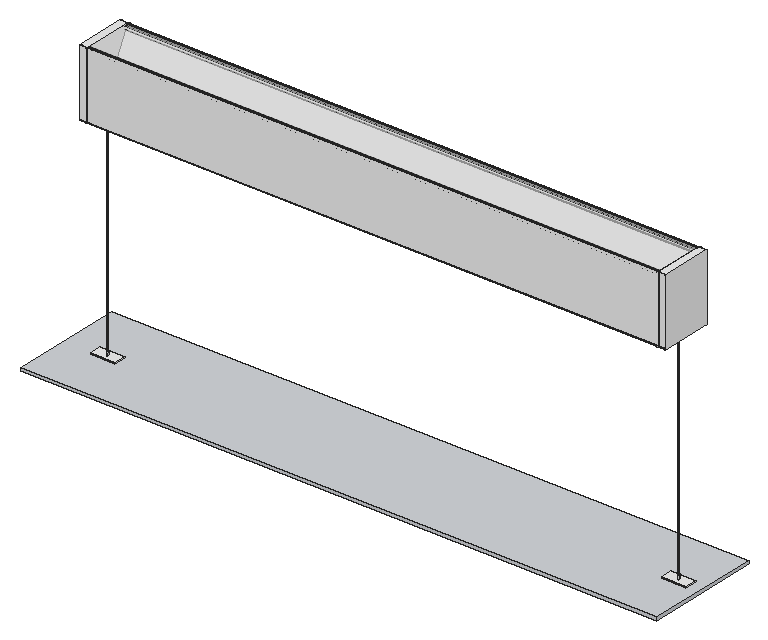
Revit family
Parameters (values of type "BBDILED-640-400-80-40-SO-4")
  With Multiple Lamps = Fixture Length > 108"  # no
  With Additional Lamp = and(Fixture Length < 120", Fixture Length > 48")  # no
  Wattage = 40 W
  built-in parameter 1150110 = 1 (stored number, unit not read)
  Voltage = 120 V
  URL = "http://www.axislighting.com/CMS/itemsDetail_beam4LED.php?205"
  built-in parameter 1114217 = 1 (stored number, unit not read)
  Total Lamp Wattage = Lamp Wattage * Number of Lamps  # 35.48 VA
  Tilt Angle = 90.00°
  built-in parameter 1150109 = 1 (stored number, unit not read)
  built-in parameter 1150134 = (empty or 0)
  Suspension Length [instance] = 18"
  Suspension Finish = Steel - Axis - White
  built-in parameter 1150113 = 1 (stored number, unit not read)
  Reflector Finish = Steel - Axis - White Powder Coated
  Product Order Length = 48"
  Product ID = "BBDILED"
  Photometric Web File = "BBDILED-B3-MF-640-400-80-35-SO.ies"
  Other = ""
  Optics Length = Fixture Length - 1 1/4"  # 46 3/4"
  Number of Lamps = Product Order Length / 12"  # 4
  Mounting Configuration = if(Product Order Length < 156", 2, if(Product Order Length < 300", 3, if(Product Order Length < 444", 4, if(Product Order Length < 564", 5, if(Product Order Length < 708", 6, if(Product Order Length < 852", 7, if(Product Order Length < 972", 8, if(Product Order Length = 1296", 11, if(Product Order Length = 1680", 13, if(Product Order Length = 1776", 14, if(Product Order Length = 1848", 15, if(Product Order Length = 1872", 15, if(Product Order Length = 1896", 15, 2)))))))))))))  # 2
  Model = "BEAM4 LED Pendant Mount - Direct/Indirect"
  Manufacturer = "Axis Lighting"
  built-in parameter 1150105 = 331.04 (stored number, unit not read)
  Lumens = 4160 lm
  built-in parameter 1150115 = 1 (stored number, unit not read)
  built-in parameter 1150137 = (empty or 0)
  built-in parameter 1150139 = (empty or 0)
  Lens Length = if(Fixture Length > 108", (Fixture Length - (2 * End Cap Length)) / Lamp Configuration, Fixture Length - (2 * End Cap Length))  # 46 3/4"
  Lens Finish = Acrylic - Axis - Frosted
  Lamp Wattage = 8.87 VA
  built-in parameter 1150112 = 1 (stored number, unit not read)
  Lamp Multiplier = if(Fixture Length > 108", (Fixture Length / 48") - 1, 2)  # 2
  built-in parameter 1150114 = 1 (stored number, unit not read)
  Lamp Distance = Lens Length  # 46 3/4"
  Lamp Configuration = if(Product Order Length > 96", Product Order Length / 48", 2)  # 2
  Lamp = "LED"
  Keynote = "16510"
  built-in parameter 1150132 = 2
  built-in parameter 1150102 = (empty or 0)
  built-in parameter 1150107 = 3500 (stored number, unit not read)
  built-in parameter 1150138 = (empty or 0)
  built-in parameter 1150106 = 3.3104 (stored number, unit not read)
  IC Controls = ""
  Housing Finish = Aluminum - Axis - White
  Fixture Width = 4 5/32"  # constant formula
  Fixture Length = Product Order Length  # 48"
  Fixture Depth = 5 1/2"  # constant formula
  End Cap Length = 5/8"  # constant formula
  Emit from Line Length = Lamp Distance  # 46 3/4"
  built-in parameter 1150104 = 9.6619 (stored number, unit not read)
  Dimming Lamp Color Temperature Shift = (empty or 0)
  Description = "LED Pendant Mount Direct/Indirect Lighting Fixture with Spotless Lens"
  Default Elevation = 48"
  Custom = ""
  Color Filter = 16777215
  Circuit = 1
  built-in parameter 1114218 = 1 (stored number, unit not read)
  built-in parameter 1150133 = 10 (stored number, unit not read)
  Assembly Code = "D5020200"
  Apparent Load = Total Lamp Wattage  # 35.48 VA
Types (5): name | With Additional Lamp | Wattage | Total Lamp Wattage | Product Order Length | Optics Length | Number of Lamps | built-in parameter 1150105 | Lumens | Lens Length | Lamp Distance | built-in parameter 1150106 | Fixture Length | Emit from Line Length | Apparent Load
  (no name) | no | 40 W | 35.48 VA | 48" | 46 3/4" | 4 | 331.04 (stored number, unit not read) | 4160 lm | 46 3/4" | 46 3/4" | 3.3104 (stored number, unit not read) | 48" | 46 3/4" | 35.48 VA
  BBDILED-640-400-80-40-SO-4 | no | 40 W | 35.48 VA | 48" | 46 3/4" | 4 | 331.04 (stored number, unit not read) | 4160 lm | 46 3/4" | 46 3/4" | 3.3104 (stored number, unit not read) | 48" | 46 3/4" | 35.48 VA
  BBDILED-640-400-80-40-SO-2 | no | 20 W | 17.74 VA | 24" | 22 3/4" | 2 | 165.52 (stored number, unit not read) | 2080 lm | 22 3/4" | 22 3/4" | 1.6552 (stored number, unit not read) | 24" | 22 3/4" | 17.74 VA
  BBDILED-640-400-80-40-SO-3 | no | 30 W | 26.61 VA | 36" | 34 3/4" | 3 | 248.28 (stored number, unit not read) | 3120 lm | 34 3/4" | 34 3/4" | 2.4828 (stored number, unit not read) | 36" | 34 3/4" | 26.61 VA
  BBDILED-640-400-80-40-SO-5 | yes | 50 W | 44.35 VA | 60" | 58 3/4" | 5 | 413.8 (stored number, unit not read) | 5200 lm | 58 3/4" | 58 3/4" | 4.138 (stored number, unit not read) | 60" | 58 3/4" | 44.35 VA
Reference planes (in)
  plane 1 "Center (Front/Back)": y = 0
  plane 2: z = 0
  plane 3 "Center (Left/Right)": x = 0
  plane 4: x = -24
  plane 5: x = 24
  plane 6: x = -23.375
  plane 7: x = 23.375
  plane 8: z = 18
  plane 9: y = -2.07813
  plane 10: y = 2.07812
  plane 11: z = 23.5
  plane 12: z = 20.84375
  plane 13: z = 19.85
  plane 14: x = -23.375
  plane 15: x = 23.375
  plane 16: x = 0
  plane 17: x = 70.125
  plane 18: x = 46.75
  plane 19: x = -23.375
  plane 20: x = 23.375
  plane 21: x = 0
Forms (in)
  Extrusion 1, solid
    sketch origin (0, 0, 0) x (1, 0, 0) y (0, 1, 0)
      loop
        line (-26.75, 4.70508) -> (-26.75, -4.70508) -> (25.31417, -4.70508) -> (25.31417, 4.70508) -> (-26.75, 4.70508)
    from 0 to -0.25
  Extrusion 2, solid, material "Aluminum - Axis - White" <- "Housing Finish"
    sketch origin (0, 0, 0) x (0, 1, 0) y (0, 0, 1)
      loop
        line (2.04687, 23.5) -> (-2.04688, 23.5)
        arc (-2.04688, 23.5) -> (-2.06897, 23.49085) -> (-2.07813, 23.46875) r 0.03125
        line (-2.07813, 23.46875) -> (-2.07813, 18.03125)
        arc (-2.07813, 18.03125) -> (-2.06897, 18.00915) -> (-2.04688, 18) r 0.03125
        line (-2.04688, 18) -> (2.04687, 18)
        arc (2.04687, 18) -> (2.06897, 18.00915) -> (2.07812, 18.03125) r 0.03125
        line (2.07812, 18.03125) -> (2.07812, 23.46875)
        arc (2.07812, 23.46875) -> (2.06897, 23.49085) -> (2.04687, 23.5) r 0.03125
    from -24 to -23.375
  Extrusion 3, solid, material "Aluminum - Axis - White" <- "Housing Finish"
    sketch origin (0, 0, 0) x (0, 1, 0) y (0, 0, 1)
      loop
        line (2.04687, 23.5) -> (-2.04688, 23.5)
        arc (-2.04688, 23.5) -> (-2.06897, 23.49085) -> (-2.07813, 23.46875) r 0.03125
        line (-2.07813, 23.46875) -> (-2.07813, 18.03125)
        arc (-2.07813, 18.03125) -> (-2.06897, 18.00915) -> (-2.04688, 18) r 0.03125
        line (-2.04688, 18) -> (2.04687, 18)
        arc (2.04687, 18) -> (2.06897, 18.00915) -> (2.07812, 18.03125) r 0.03125
        line (2.07812, 18.03125) -> (2.07812, 23.46875)
        arc (2.07812, 23.46875) -> (2.06897, 23.49085) -> (2.04687, 23.5) r 0.03125
    from 23.375 to 24
  Extrusion 4, solid, material "Acrylic - Axis - Frosted" <- "Lens Finish"
    sketch origin (0, 0, 0) x (0, 1, 0) y (0, 0, 1)
      loop
        line (1.96562, 18.05) -> (-1.96563, 18.05) -> (-1.96563, 18) -> (1.96562, 18) -> (1.96562, 18.05)
    from -23.375 to 23.375
  Sweep 5, solid, material "Steel - Axis - White Powder Coated" <- "Reflector Finish"
    path origin (0, 0, 0) x (1, 0, 0) y (0, 1, 0)
      loop
        line (23.375, 0) -> (-23.375, 0)
    profile "BBDILED-Profile-Reflector : BBDILED-Profile-Reflector" origin (0, 0, 0) x (0, -1, 0) y (0, 0, 1)
      loop
        line (-0.97354, 18.84649) -> (-1.78831, 18.34943) -> (-1.77203, 18.32275) -> (-0.96476, 18.81524) -> (-0.5, 18.81524) -> (-0.5, 18.84649) -> (-0.97354, 18.84649)
      loop
        line (0.96476, 18.81524) -> (1.77203, 18.32275) -> (1.78831, 18.34943) -> (0.97354, 18.84649) -> (0.5, 18.84649) -> (0.5, 18.81524) -> (0.96476, 18.81524)
      loop
        line (0.68192, 20.89158) -> (1.79986, 23.08004) -> (1.77203, 23.09426) -> (0.66279, 20.92283) -> (0.5, 20.92283) -> (0.5, 20.89158) -> (0.68192, 20.89158)
      loop
        line (-0.66279, 20.92283) -> (-1.77203, 23.09426) -> (-1.79986, 23.08004) -> (-0.68192, 20.89158) -> (-0.5, 20.89158) -> (-0.5, 20.92283) -> (-0.66279, 20.92283)
  Sweep 6, solid, material "Acrylic - Axis - Frosted" <- "Lens Finish"
    path origin (0, 0, 0) x (1, 0, 0) y (0, 1, 0)
      loop
        line (23.375, 0) -> (-23.375, 0)
    profile "BBDILED-Profile-Lens : BBDILED-Profile-Lens" origin (0, 0, 0) x (0, -1, 0) y (0, 0, 1)
      loop
        line (-1.79405, 23.43) -> (1.79405, 23.43)
        arc (1.79405, 23.43) -> (1.81337, 23.41518) -> (1.80405, 23.39268) r 0.02
        line (1.80405, 23.39268) -> (1.74405, 23.35804)
        arc (1.74405, 23.35804) -> (1.73673, 23.33072) -> (1.76405, 23.3234) r 0.02
        line (1.76405, 23.3234) -> (1.83782, 23.36599) -> (1.86011, 23.30536)
        arc (1.86011, 23.30536) -> (1.85982, 23.21545) -> (1.80089, 23.14755) r 0.12908
        arc (1.80089, 23.14755) -> (1.79294, 23.1204) -> (1.82008, 23.11245) r 0.02
        arc (1.82008, 23.11245) -> (1.89727, 23.2014) -> (1.89766, 23.31916) r 0.16908
        line (1.89766, 23.31916) -> (1.86558, 23.40637)
        arc (1.86558, 23.40637) -> (1.86854, 23.42931) -> (1.88905, 23.44) r 0.025
        line (1.88905, 23.44) -> (1.93835, 23.44) -> (1.96019, 23.5) -> (-1.96019, 23.5) -> (-1.93835, 23.44) -> (-1.88905, 23.44)
        arc (-1.88905, 23.44) -> (-1.86854, 23.42931) -> (-1.86558, 23.40637) r 0.025
        line (-1.86558, 23.40637) -> (-1.89766, 23.31916)
        arc (-1.89766, 23.31916) -> (-1.89727, 23.2014) -> (-1.82008, 23.11245) r 0.16908
        arc (-1.82008, 23.11245) -> (-1.79294, 23.1204) -> (-1.80089, 23.14755) r 0.02
        arc (-1.80089, 23.14755) -> (-1.85982, 23.21545) -> (-1.86011, 23.30536) r 0.12908
        line (-1.86011, 23.30536) -> (-1.83782, 23.36599) -> (-1.76405, 23.3234)
        arc (-1.76405, 23.3234) -> (-1.73673, 23.33072) -> (-1.74405, 23.35804) r 0.02
        line (-1.74405, 23.35804) -> (-1.80405, 23.39268)
        arc (-1.80405, 23.39268) -> (-1.81337, 23.41518) -> (-1.79405, 23.43) r 0.02
  Sweep 7, solid, material "Aluminum - Axis - White" <- "Housing Finish"
    path origin (0, 0, 0) x (1, 0, 0) y (0, 1, 0)
      loop
        line (23.375, 0) -> (-23.375, 0)
    profile "BBDILED-Profile-Housing : BBDILED-Profile-Housing" origin (0, 0, 0) x (0, -1, 0) y (0, 0, 1)
      loop
        line (-2.07812, 23.46875) -> (-2.07812, 18.03125)
        arc (-2.07812, 18.03125) -> (-2.06897, 18.00915) -> (-2.04687, 18) r 0.03125
        line (-2.04687, 18) -> (-1.98812, 18) -> (-1.98812, 18.0857) -> (-1.94473, 18.0857) -> (-1.92694, 18.04378) -> (-1.89012, 18.0594) -> (-1.92781, 18.1482) -> (-2.00312, 18.1482) -> (-2.00312, 23.365)
        arc (-2.00312, 23.365) -> (-1.99727, 23.37914) -> (-1.98312, 23.385) r 0.02
        line (-1.98312, 23.385) -> (-1.88312, 23.385)
        arc (-1.88312, 23.385) -> (-1.87013, 23.3925) -> (-1.87013, 23.4075) r 0.015
        line (-1.87013, 23.4075) -> (-1.89179, 23.445) -> (-1.98812, 23.445) -> (-1.98812, 23.48)
        arc (-1.98812, 23.48) -> (-1.99398, 23.49414) -> (-2.00812, 23.5) r 0.02
        line (-2.00812, 23.5) -> (-2.04687, 23.5)
        arc (-2.04687, 23.5) -> (-2.06897, 23.49085) -> (-2.07812, 23.46875) r 0.03125
      loop
        arc (2.07813, 23.46875) -> (2.06897, 23.49085) -> (2.04688, 23.5) r 0.03125
        line (2.04688, 23.5) -> (2.00813, 23.5)
        arc (2.00813, 23.5) -> (1.99398, 23.49414) -> (1.98813, 23.48) r 0.02
        line (1.98813, 23.48) -> (1.98813, 23.445) -> (1.89179, 23.445) -> (1.87013, 23.4075)
        arc (1.87013, 23.4075) -> (1.87013, 23.3925) -> (1.88313, 23.385) r 0.015
        line (1.88313, 23.385) -> (1.98313, 23.385)
        arc (1.98313, 23.385) -> (1.99727, 23.37914) -> (2.00313, 23.365) r 0.02
        line (2.00313, 23.365) -> (2.00313, 18.1482) -> (1.92781, 18.1482) -> (1.89012, 18.0594) -> (1.92694, 18.04378) -> (1.94473, 18.0857) -> (1.98813, 18.0857) -> (1.98813, 18) -> (2.04688, 18)
        arc (2.04688, 18) -> (2.06897, 18.00915) -> (2.07813, 18.03125) r 0.03125
        line (2.07813, 18.03125) -> (2.07813, 23.46875)
Dimensions and locks (in)
  "Fixture Length": plane 4 to plane 5
  equal spacing: plane 4, plane 3 "Center (Left/Right)", plane 5
  locked: plane 4 to plane 6 at 0.625
  locked: plane 7 to plane 5 at 0.625
  "Suspension Length": plane 8 to plane 2
  "Fixture Width": plane 9 to plane 10
  equal spacing: plane 9, plane 1 "Center (Front/Back)", plane 10
  "Fixture Depth": plane 11 to plane 8
  locked: Extrusion 4 sketch curve to plane 9 at 0.1125
  locked: plane 10 to Extrusion 4 sketch curve at 0.1125
  locked: Extrusion 4 sketch curve to plane 8 at 0.05
  locked: plane 12 to plane 8 at 2.84375
  group 1 to group 2 = 46 3/4"
  group 1 to group 2 = 0"  (x2)
  "Lamp Distance": plane 14 to plane 15
  equal spacing: plane 14, plane 16, plane 15
  "Lamp Distance": plane 15 to plane 17
  equal spacing: plane 15, plane 18, plane 17
  "Lamp Distance": plane 19 to plane 20
  equal spacing: plane 19, plane 21, plane 20
  group 3 to group 4 = 46 3/4"
  group 3 to group 4 = 0"  (x2)
  locked: plane 13 to plane 8 at 1.85
  aligned and locked: plane 2 to Extrusion 1
  aligned and locked: level to Extrusion 1
  aligned and locked: plane 1 "Center (Front/Back)" to nested 1
  aligned and locked: plane 3 "Center (Left/Right)" to nested 1
  aligned and locked: plane 11 to Extrusion 2 sketch curve
  aligned and locked: plane 9 to Extrusion 2 sketch curve
  aligned and locked: plane 8 to Extrusion 2 sketch curve
  aligned and locked: plane 10 to Extrusion 2 sketch curve
  aligned and locked: Extrusion 2 to plane 4
  aligned and locked: plane 6 to Extrusion 2
  aligned and locked: plane 11 to Extrusion 3 sketch curve
  aligned and locked: plane 9 to Extrusion 3 sketch curve
  aligned and locked: plane 8 to Extrusion 3 sketch curve
  aligned and locked: plane 10 to Extrusion 3 sketch curve
  aligned and locked: plane 5 to Extrusion 3
  aligned and locked: Extrusion 3 to plane 7
  aligned and locked: plane 8 to Extrusion 4 sketch curve
  aligned and locked: Extrusion 4 to plane 6
  aligned and locked: plane 7 to Extrusion 4
  aligned and locked: plane 1 "Center (Front/Back)" to imposter light
  aligned and locked: imposter light to plane 13
  aligned and locked: Sweep 5 sketch curve to plane 1 "Center (Front/Back)"
  aligned and locked: plane 6 to Sweep 5 sketch curve
  aligned and locked: plane 7 to Sweep 5 sketch curve
  aligned and locked: Sweep 6 sketch curve to plane 1 "Center (Front/Back)"
  aligned and locked: plane 6 to Sweep 6 sketch curve
  aligned and locked: plane 7 to Sweep 6 sketch curve
  aligned and locked: Sweep 7 sketch curve to plane 1 "Center (Front/Back)"
  aligned and locked: plane 7 to Sweep 7 sketch curve
  aligned and locked: plane 6 to Sweep 7 sketch curve
  aligned and locked: nested 2 to plane 2
  aligned and locked: plane 1 "Center (Front/Back)" to nested 2
  aligned and locked: plane 6 to nested 2
  aligned and locked: plane 7 to nested 3
  aligned and locked: plane 1 "Center (Front/Back)" to nested 3
  aligned and locked: nested 3 to plane 2
  aligned and locked: plane 14 to plane 6
  aligned and locked: imposter light to plane 16
  aligned and locked: plane 20 to plane 7
  aligned and locked: plane 21 to nested 4
  aligned and locked: plane 1 "Center (Front/Back)" to nested 4
  aligned and locked: plane 18 to nested 5
  aligned and locked: plane 1 "Center (Front/Back)" to nested 5
  aligned and locked: plane 21 to nested 6
  aligned and locked: plane 1 "Center (Front/Back)" to nested 6
Automatic sketch dimensions
  Extrusion 1 sketch curve to Extrusion 1 sketch curve = 52.06417"
  Extrusion 1 sketch curve to Extrusion 1 sketch curve = 9 105/256"
  Extrusion 2 sketch curve to plane 9 = 1/32"  (x2)
  Extrusion 2 sketch curve to Extrusion 2 sketch curve = 1/32"  (x2)
  Extrusion 3 sketch curve to plane 9 = 1/32"
  Extrusion 3 sketch curve to Extrusion 3 sketch curve = 1/32"  (x2)
  plane 10 to Extrusion 3 sketch curve = 1/32"
Nested families (in)
  nested 1: "Lighting-Pendant-Axis-Symbol" at (0, 0, 0), type "Lighting-Pendant-Axis-Symbol"
  nested 2: "BBDILED-Component-Suspension" at (-23.375, 0, 0), type "Cable"
  nested 3: "BBDILED-Component-Suspension" at (23.375, 0, 0), type "Cable"
  nested 4: "BBDILED-Light" at (0, 0, 0), visible <- "With Multiple Lamps", type "Multiple"
  nested 5: "BBDILED-Light" at (46.75, 0, 0), visible <- "With Multiple Lamps", type "Multiple"
  nested 6: "BBDILED-Light" at (0, 0, 0), visible <- "With Additional Lamp", type "Additional"
Connectors (in)
  electrical at (-23.375, 0, 0), driven by "Voltage", driven by "Apparent Load"
    settings: on nested 2, index 1, voltage 120 V, apparent load 0 VA, apparent load phase1 35.48 VA, apparent load phase2 0 VA, apparent load phase3 0 VA, power factor 1, load classification "Lighting", number of poles 1, system type 31, power factor state 1, is connector primary yes, connector utility no, sub classification motor no, connector description "Lighting Fixture Power"
Definition of nested family "BBDILED-Component-Suspension"
  Parameters (values of type "Cable")
    Suspension Length = 18"
    Finish = Steel - Axis - White
    Assembly Code = ""
  Reference planes (in)
    plane 1 "Center (Front/Back)": y = 0
    plane 2: z = 0
    plane 3 "Center (Left/Right)": x = 0
    plane 4: z = 18
    plane 5: y = 0.5
    plane 6: y = -0.5
    plane 7: x = -1
    plane 8: x = 1
    plane 9: z = 0.0625
    plane 10: z = 0.375
    plane 11: z = 17.875
    plane 12: z = 17.6875
  Forms (in)
    Extrusion 1, solid, material "Steel - Axis - White" <- "Finish"
      sketch origin (0, 0, 0) x (1, 0, 0) y (0, 1, 0)
        loop
          circle (0, 0) r 0.25
      from 17.875 to 18
    Extrusion 2, solid, material "Steel - Axis - White" <- "Finish"
      sketch origin (0, 0, 0) x (1, 0, 0) y (0, 1, 0)
        loop
          circle (0, 0) r 0.0625
      from 17.6875 to 17.875
    Extrusion 3, solid, material "Steel - Axis - White" <- "Finish"
      sketch origin (0, 0, 0) x (1, 0, 0) y (0, 1, 0)
        loop
          circle (0, 0) r 0.03125
      from 17.6875 to 0.375
    Extrusion 4, solid, material "Steel - Axis - White" <- "Finish"
      sketch origin (0, 0, 0) x (1, 0, 0) y (0, 1, 0)
        loop
          circle (0, 0) r 0.0625
      from 0.0625 to 0.375
    Extrusion 5, solid, material "Steel - Axis - White" <- "Finish"
      sketch origin (0, 0, 0) x (1, 0, 0) y (0, 1, 0)
        loop
          line (-1, -0.5) -> (1, -0.5) -> (1, 0.5) -> (-1, 0.5) -> (-1, -0.5)
      from 0 to 0.0625
  Dimensions and locks (in)
    equal spacing: plane 7, plane 3 "Center (Left/Right)", plane 8
    plane 7 to plane 8 = 2"
    equal spacing: plane 6, plane 1 "Center (Front/Back)", plane 5
    plane 6 to plane 5 = 1"
    Extrusion 4 to Extrusion 5 to Extrusion 5 = 0", 1/16"
    Extrusion 1 to Extrusion 2 to level = 1/8", 17 7/8"
    "Suspension Length": plane 4 to level
    plane 10 to plane 9 to plane 2 = 5/16" locked, 1/16" locked
    plane 4 to plane 11 to plane 12 = 1/8" locked, 3/16" locked
    radius of Extrusion 4 sketch curve = 1/16"
    radius of Extrusion 3 sketch curve = 1/32"
    radius of Extrusion 2 sketch curve = 1/16"
    radius of Extrusion 1 sketch curve = 1/4"
    aligned and locked: plane 2 to level
    aligned and locked: plane 6 to Extrusion 5 sketch curve
    aligned and locked: Extrusion 5 sketch curve to plane 7
    aligned and locked: Extrusion 5 sketch curve to plane 5
    aligned and locked: plane 8 to Extrusion 5 sketch curve
    aligned: plane 4 to Extrusion 5
    aligned: Extrusion 1 to level
    aligned: Extrusion 3 to Extrusion 4
    aligned: Extrusion 3 to Extrusion 2
    aligned: Extrusion 4 to Extrusion 5
    aligned and locked: Extrusion 5 to plane 2
    aligned and locked: plane 9 to Extrusion 5
    aligned and locked: Extrusion 4 to plane 9
    aligned and locked: plane 10 to Extrusion 4
    aligned and locked: plane 4 to Extrusion 1
    aligned and locked: Extrusion 1 to plane 11
    aligned and locked: plane 11 to Extrusion 2
    aligned and locked: Extrusion 2 to plane 12
    aligned and locked: plane 12 to Extrusion 3
    aligned and locked: Extrusion 3 to plane 10
  Automatic sketch dimensions
    plane 1 "Center (Front/Back)" to Extrusion 1 sketch curve = 0"
    Extrusion 1 sketch curve to plane 3 "Center (Left/Right)" = 0"
    plane 1 "Center (Front/Back)" to Extrusion 2 sketch curve = 0"
    Extrusion 2 sketch curve to plane 3 "Center (Left/Right)" = 0"
    plane 1 "Center (Front/Back)" to Extrusion 3 sketch curve = 0"
    Extrusion 3 sketch curve to plane 3 "Center (Left/Right)" = 0"
    plane 1 "Center (Front/Back)" to Extrusion 4 sketch curve = 0"
    Extrusion 4 sketch curve to plane 3 "Center (Left/Right)" = 0"
Definition of nested family "Lighting-Pendant-Axis-Symbol"
  Parameters (values of type "Lighting-Pendant-Axis-Symbol")
    Width = 4 3/16"
    Length = 47 9/16"
    Assembly Code = ""
  Reference planes (in)
    plane 1 "Center (Front/Back)": y = 0
    plane 2: z = 0
    plane 3 "Center (Left/Right)": x = 0
  Lines and regions (in)
    Masking region 1, in view "Ref. Level"
      outline origin (0, 0, 0) x (1, 0, 0) y (0, 1, 0)
        loop
          line (-23.78125, -2.09375) -> (23.78125, -2.09375) -> (23.78125, 2.09375) -> (-23.78125, 2.09375) -> (-23.78125, -2.09375)
    detail lines, style "Pendant Lights", in view "Ref. Level", detail levels coarse+medium
      curve 1: line (-23.78125, 2.09375, 0) -> (23.78125, 2.09375, 0)
      curve 2: line (-23.78125, -2.09375, 0) -> (-23.78125, 2.09375, 0)
      curve 3: line (23.78125, -2.09375, 0) -> (-23.78125, -2.09375, 0)
      curve 4: line (23.78125, 2.09375, 0) -> (23.78125, -2.09375, 0)
    detail lines, style "Pendant Lights", in view "Ref. Level"
      curve 5: circle (-23.15625, 0, 0) r 0.25 normal (0, 0, 1)
      curve 6: circle (23.15625, 0, 0) r 0.25 normal (0, 0, 1)
  Dimensions and locks (in)
    "Length": curve 2 to curve 4
    "Width": curve 1 to curve 3
    equal spacing: curve 2, plane 3 "Center (Left/Right)", curve 4
    equal spacing: curve 1, plane 1 "Center (Front/Back)", curve 3
    locked: curve 2 to curve 5 at 0.625
    locked: curve 6 to curve 4 at 0.625
    equal spacing: curve 1, curve 5, curve 3
    equal spacing: curve 1, curve 6, curve 3
    aligned and locked: Masking region 1 sketch curve to curve 3
    aligned and locked: Masking region 1 sketch curve to curve 2
    aligned and locked: Masking region 1 sketch curve to curve 1
    aligned and locked: Masking region 1 sketch curve to curve 4
  Automatic sketch dimensions
    radius of curve 5 = 1/4"
    radius of curve 6 = 1/4"
Definition of nested family "BBDILED-Light"
  Parameters (values of type "Additional")
    Wattage = 40 W
    built-in parameter 1150110 = 1 (stored number, unit not read)
    built-in parameter 1114217 = 1 (stored number, unit not read)
    Tilt Angle = 90.00°
    built-in parameter 1150109 = 1 (stored number, unit not read)
    built-in parameter 1150134 = (empty or 0)
    Suspension Length = 18"
    built-in parameter 1150113 = 1 (stored number, unit not read)
    Photometric Web File = "BBDILED-B3-MF-640-400-80-35-SO.ies"
    built-in parameter 1150105 = 331.04 (stored number, unit not read)
    Lumens = 4160 lm
    built-in parameter 1150115 = 1 (stored number, unit not read)
    built-in parameter 1150137 = (empty or 0)
    built-in parameter 1150139 = (empty or 0)
    built-in parameter 1150112 = 1 (stored number, unit not read)
    built-in parameter 1150114 = 1 (stored number, unit not read)
    built-in parameter 1150132 = 2
    built-in parameter 1150102 = (empty or 0)
    built-in parameter 1150107 = 3500 (stored number, unit not read)
    built-in parameter 1150138 = (empty or 0)
    built-in parameter 1150106 = 3.3104 (stored number, unit not read)
    Emit from Line Length = 46 3/4"
    built-in parameter 1150104 = 9.6619 (stored number, unit not read)
    Dimming Lamp Color Temperature Shift = (empty or 0)
    Default Elevation = 48"
    Color Filter = 16777215
    built-in parameter 1114218 = 1 (stored number, unit not read)
    built-in parameter 1150133 = 10 (stored number, unit not read)
    Assembly Code = ""
  Types (2): name
    Additional
    Multiple
  Reference planes (in)
    plane 1 "Center (Front/Back)": y = 0
    plane 2: z = 0
    plane 3 "Center (Left/Right)": x = 0
    plane 4: z = 18
    plane 5: z = 19.85
  Forms (in)
    Extrusion 1, solid
      sketch origin (0, 0, 0) x (1, 0, 0) y (0, 1, 0)
        loop
          line (-48, 48) -> (-48, -48) -> (48, -48) -> (48, 48) -> (-48, 48)
      from 0 to -12
  Dimensions and locks (in)
    "Suspension Length": plane 4 to level
    locked: plane 5 to plane 4 at 1.85
    aligned and locked: plane 2 to Extrusion 1
    aligned and locked: level to Extrusion 1
    aligned and locked: plane 3 "Center (Left/Right)" to imposter light
    aligned and locked: plane 1 "Center (Front/Back)" to imposter light
    aligned and locked: imposter light to plane 5
  Automatic sketch dimensions
    Extrusion 1 sketch curve to Extrusion 1 sketch curve = 96"  (x2)
